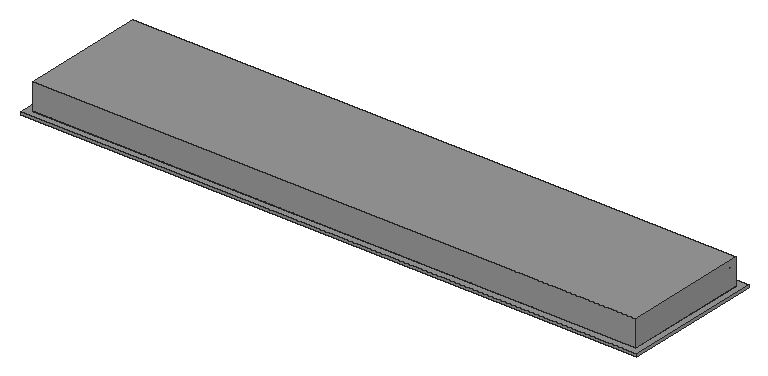
Revit family "63_UN_LEDPanel_RTP-XM 1196x296_Norton", category Lighting Fixtures, Revit 2019
Family settings
  Round Connector Dimension = Use Diameter
  Part Type = Normal
  OmniClass Number = 23.80.70.11.14.11
  OmniClass Title = Downlights
  Work Plane-Based = No
  Always vertical = Yes
  Cut with Voids When Loaded = No
  Light Source = Yes
  Shared = No
  Room Calculation Point = Yes
Parameters (values of type "RTP-XM LED 84 2 4650LM GST NOOD")
  Wattage Comments = "37W"
  Wattage = 31.3043 W
  built-in parameter 1150110 = 1 (stored number, unit not read)
  Voltage = 230 V
  URL = "https://www.ivlibrary.com/"
  Type Comments = "1196x296"
  built-in parameter 1114217 = 1 (stored number, unit not read)
  Tilt Angle = 90.00°
  built-in parameter 1150109 = 1 (stored number, unit not read)
  built-in parameter 1150134 = 3
  Symbol_ToScale [instance] = not(Symbol_RealSize)  # no
  Symbol_RealSize [instance] = yes
  Switch Code [instance] = ""
  built-in parameter 1150113 = 1 (stored number, unit not read)
  Photometric Web File = "RTPXMLED842NLM4650_LDT.ies"
  Model = "RTP-XM"
  Manufacturer = "Norton"
  built-in parameter 1150105 = 370.04 (stored number, unit not read)
  Luminous Flux (lm) = 4650 lm
  Lumens = 4650 lm
  built-in parameter 1150115 = 1 (stored number, unit not read)
  Luminaire Code [instance] = ""
  built-in parameter 1150137 = (empty or 0)
  built-in parameter 1150139 = (empty or 0)
  built-in parameter 1150112 = 1 (stored number, unit not read)
  built-in parameter 1150114 = 1 (stored number, unit not read)
  Lamp = "LED"
  L3 = 13 mm
  L2 = 270 mm
  L1 = 1196 mm
  built-in parameter 1150132 = 2
  built-in parameter 1150102 = (empty or 0)
  built-in parameter 1150107 = 3200 (stored number, unit not read)
  built-in parameter 1150138 = (empty or 0)
  built-in parameter 1150106 = 3.7004 (stored number, unit not read)
  IfcExportType = "USERDEFINED"
  IfcExportAs = "IfcLightFixtureType"
  ISBN Code = "-"
  IP Value = "IP20"
  IK Value = "IK07"
  Housing_Material = Laminate, White
  H1 = 50.524 mm
  GTIN Code = "-"
  Emit from Rectangle Width = L1 - (L3 * 2)  # 1170 mm
  Emit from Rectangle Length = L2 - (L3 * 2)  # 244 mm
  Emit Shape Visible in Rendering = no
  built-in parameter 1150104 = 13.8 (stored number, unit not read)
  ETIM Code = "-"
  Dimming Lamp Color Temperature Shift = <None>
  Description = ""
  Content Creator® = "www.ivlibrary.com"
  Color Filter = 16777215
  Calc_L2_Symbol = L2 / 100  # 2.7 mm
  Calc_L1_Symbol = L1 / 100  # 11.96 mm
  built-in parameter 1114218 = 1 (stored number, unit not read)
  built-in parameter 1150133 = 10 (stored number, unit not read)
  Assembly Code = "63.0"
  Apparent Load = 37 VA
Types (4, lengths in mm): name | Wattage Comments | Wattage | Photometric Web File | built-in parameter 1150105 | Luminous Flux (lm) | Lumens | built-in parameter 1150106 | Apparent Load
  RTP-XM LED 83 2 4450LM GST | "37W" | 29.9579 W | "RTPXMLED832NLM4450_LDT.ies" | 354.12 (stored number, unit not read) | 4450 lm | 4450 lm | 3.5412 (stored number, unit not read) | 37 VA
  RTP-XM LED 83 2 4450LM GST NOOD | "45W" | 30.2945 W | "RTPXMLED832NLM4450_LDT.ies" | 358.1 (stored number, unit not read) | 4500 lm | 4500 lm | 3.581 (stored number, unit not read) | 45 VA
  RTP-XM LED 84 2 4650LM GST | "37W" | 31.3043 W | "RTPXMLED842NLM4650_LDT.ies" | 370.04 (stored number, unit not read) | 4650 lm | 4650 lm | 3.7004 (stored number, unit not read) | 37 VA
  RTP-XM LED 84 2 4650LM GST NOOD | "37W" | 31.3043 W | "RTPXMLED842NLM4650_LDT.ies" | 370.04 (stored number, unit not read) | 4650 lm | 4650 lm | 3.7004 (stored number, unit not read) | 37 VA
Reference planes
  plane 1 "Center (Front/Back)": y = 0
  plane 2: z = 0
  plane 3 "Center (Left/Right)": x = 0
  plane 4: x = -585
  plane 5: x = 585
  plane 6: y = 122
  plane 7: y = -122
  plane 8: x = -598
  plane 9: x = 598
  plane 10: y = -135
  plane 11: y = 135
Forms (mm)
  Extrusion 1, solid, material "Laminate, White" <- "Housing_Material"
    sketch origin (0, 0, 0) x (1, 0, 0) y (0, 1, 0)
      loop
        line (-585, 122) -> (-585, -122) -> (585, -122) -> (585, 122) -> (-585, 122)
    from 0 to 50.524 <- "H1"
  Extrusion 2, solid, material "Laminate, White" <- "Housing_Material"
    sketch origin (0, 0, 0) x (1, 0, 0) y (0, 1, 0)
      loop
        line (-585, 122) -> (-585, -122) -> (585, -122) -> (585, 122) -> (-585, 122)
    from 0 to -1
  Extrusion 3, solid, material "Laminate, White" <- "Housing_Material"
    sketch origin (0, 0, 0) x (1, 0, 0) y (0, 1, 0)
      loop
        line (-585, 122) -> (-585, -122) -> (585, -122) -> (585, 122) -> (-585, 122)
      loop
        line (-598, -135) -> (598, -135) -> (598, 135) -> (-598, 135) -> (-598, -135)
    from 0 to -5
  Extrusion 4, void
    sketch origin (298.809, -158.255, 0) x (0, 1, 0) y (0, 0, 1)
      loop
        line (196.881, -5) -> (279.164, -5) -> (279.164, 12.612) -> (272.11, 15.112)
        arc (272.11, 15.112) -> (268.862, 30.396) -> (259.68, 43.039) r 37.588
        line (259.68, 43.039) -> (216.366, 43.039)
        arc (216.366, 43.039) -> (205.244, 30.999) -> (201.212, 15.112) r 33.311
        line (201.212, 15.112) -> (196.881, 12.612) -> (196.881, -5)
    from 285.1 to -882.676
  Extrusion 5, void
    sketch origin (298.809, 158.255, 0) x (0, -1, 0) y (0, 0, -1)
      loop
        line (196.881, 5) -> (196.881, -12.612) -> (201.212, -15.112)
        arc (201.212, -15.112) -> (205.244, -30.999) -> (216.366, -43.039) r 33.311
        line (216.366, -43.039) -> (259.68, -43.039)
        arc (259.68, -43.039) -> (268.862, -30.396) -> (272.11, -15.112) r 37.588
        line (272.11, -15.112) -> (279.164, -12.612) -> (279.164, 5) -> (196.881, 5)
    from 285.1 to -882.676
  Extrusion 6, solid, material "Laminate, White" <- "Housing_Material"
    sketch origin (543.9, -158.255, 0) x (0, 1, 0) y (0, 0, 1)
      loop
        line (196.881, -1) -> (272.164, -1) -> (272.164, 12.612) -> (267.834, 15.112)
        arc (267.834, 15.112) -> (263.801, 30.999) -> (252.68, 43.039) r 33.311
        line (252.68, 43.039) -> (216.366, 43.039)
        arc (216.366, 43.039) -> (205.244, 30.999) -> (201.212, 15.112) r 33.311
        line (201.212, 15.112) -> (196.881, 12.612) -> (196.881, -1)
    from 1 to -1
  Extrusion 7, solid, material "Laminate, White" <- "Housing_Material"
    sketch origin (-543.6, -158.255, 0) x (0, 1, 0) y (0, 0, 1)
      loop
        line (196.881, -1) -> (272.164, -1) -> (272.164, 12.612) -> (267.834, 15.112)
        arc (267.834, 15.112) -> (263.801, 30.999) -> (252.68, 43.039) r 33.311
        line (252.68, 43.039) -> (216.366, 43.039)
        arc (216.366, 43.039) -> (205.244, 30.999) -> (201.212, 15.112) r 33.311
        line (201.212, 15.112) -> (196.881, 12.612) -> (196.881, -1)
    from 1 to -1
  Extrusion 8, solid, material "Laminate, White" <- "Housing_Material"
    sketch origin (483.483, -158.255, 0) x (0, 1, 0) y (0, 0, 1)
      loop
        line (196.881, -1) -> (272.164, -1) -> (272.164, 12.612) -> (267.834, 15.112)
        arc (267.834, 15.112) -> (263.801, 30.999) -> (252.68, 43.039) r 33.311
        line (252.68, 43.039) -> (216.366, 43.039)
        arc (216.366, 43.039) -> (205.244, 30.999) -> (201.212, 15.112) r 33.311
        line (201.212, 15.112) -> (196.881, 12.612) -> (196.881, -1)
    from 1 to -1
  Extrusion 9, solid, material "Laminate, White" <- "Housing_Material"
    sketch origin (423.067, -158.255, 0) x (0, 1, 0) y (0, 0, 1)
      loop
        line (196.881, -1) -> (272.164, -1) -> (272.164, 12.612) -> (267.834, 15.112)
        arc (267.834, 15.112) -> (263.801, 30.999) -> (252.68, 43.039) r 33.311
        line (252.68, 43.039) -> (216.366, 43.039)
        arc (216.366, 43.039) -> (205.244, 30.999) -> (201.212, 15.112) r 33.311
        line (201.212, 15.112) -> (196.881, 12.612) -> (196.881, -1)
    from 1 to -1
  Extrusion 10, solid, material "Laminate, White" <- "Housing_Material"
    sketch origin (362.65, -158.255, 0) x (0, 1, 0) y (0, 0, 1)
      loop
        line (196.881, -1) -> (272.164, -1) -> (272.164, 12.612) -> (267.834, 15.112)
        arc (267.834, 15.112) -> (263.801, 30.999) -> (252.68, 43.039) r 33.311
        line (252.68, 43.039) -> (216.366, 43.039)
        arc (216.366, 43.039) -> (205.244, 30.999) -> (201.212, 15.112) r 33.311
        line (201.212, 15.112) -> (196.881, 12.612) -> (196.881, -1)
    from 1 to -1
  Extrusion 11, solid, material "Laminate, White" <- "Housing_Material"
    sketch origin (302.233, -158.255, 0) x (0, 1, 0) y (0, 0, 1)
      loop
        line (196.881, -1) -> (272.164, -1) -> (272.164, 12.612) -> (267.834, 15.112)
        arc (267.834, 15.112) -> (263.801, 30.999) -> (252.68, 43.039) r 33.311
        line (252.68, 43.039) -> (216.366, 43.039)
        arc (216.366, 43.039) -> (205.244, 30.999) -> (201.212, 15.112) r 33.311
        line (201.212, 15.112) -> (196.881, 12.612) -> (196.881, -1)
    from 1 to -1
  Extrusion 12, solid, material "Laminate, White" <- "Housing_Material"
    sketch origin (241.817, -158.255, 0) x (0, 1, 0) y (0, 0, 1)
      loop
        line (196.881, -1) -> (272.164, -1) -> (272.164, 12.612) -> (267.834, 15.112)
        arc (267.834, 15.112) -> (263.801, 30.999) -> (252.68, 43.039) r 33.311
        line (252.68, 43.039) -> (216.366, 43.039)
        arc (216.366, 43.039) -> (205.244, 30.999) -> (201.212, 15.112) r 33.311
        line (201.212, 15.112) -> (196.881, 12.612) -> (196.881, -1)
    from 1 to -1
  Extrusion 13, solid, material "Laminate, White" <- "Housing_Material"
    sketch origin (181.4, -158.255, 0) x (0, 1, 0) y (0, 0, 1)
      loop
        line (196.881, -1) -> (272.164, -1) -> (272.164, 12.612) -> (267.834, 15.112)
        arc (267.834, 15.112) -> (263.801, 30.999) -> (252.68, 43.039) r 33.311
        line (252.68, 43.039) -> (216.366, 43.039)
        arc (216.366, 43.039) -> (205.244, 30.999) -> (201.212, 15.112) r 33.311
        line (201.212, 15.112) -> (196.881, 12.612) -> (196.881, -1)
    from 1 to -1
  Extrusion 14, solid, material "Laminate, White" <- "Housing_Material"
    sketch origin (120.983, -158.255, 0) x (0, 1, 0) y (0, 0, 1)
      loop
        line (196.881, -1) -> (272.164, -1) -> (272.164, 12.612) -> (267.834, 15.112)
        arc (267.834, 15.112) -> (263.801, 30.999) -> (252.68, 43.039) r 33.311
        line (252.68, 43.039) -> (216.366, 43.039)
        arc (216.366, 43.039) -> (205.244, 30.999) -> (201.212, 15.112) r 33.311
        line (201.212, 15.112) -> (196.881, 12.612) -> (196.881, -1)
    from 1 to -1
  Extrusion 15, solid, material "Laminate, White" <- "Housing_Material"
    sketch origin (60.567, -158.255, 0) x (0, 1, 0) y (0, 0, 1)
      loop
        line (196.881, -1) -> (272.164, -1) -> (272.164, 12.612) -> (267.834, 15.112)
        arc (267.834, 15.112) -> (263.801, 30.999) -> (252.68, 43.039) r 33.311
        line (252.68, 43.039) -> (216.366, 43.039)
        arc (216.366, 43.039) -> (205.244, 30.999) -> (201.212, 15.112) r 33.311
        line (201.212, 15.112) -> (196.881, 12.612) -> (196.881, -1)
    from 1 to -1
  Extrusion 16, solid, material "Laminate, White" <- "Housing_Material"
    sketch origin (0.15, -158.255, 0) x (0, 1, 0) y (0, 0, 1)
      loop
        line (196.881, -1) -> (272.164, -1) -> (272.164, 12.612) -> (267.834, 15.112)
        arc (267.834, 15.112) -> (263.801, 30.999) -> (252.68, 43.039) r 33.311
        line (252.68, 43.039) -> (216.366, 43.039)
        arc (216.366, 43.039) -> (205.244, 30.999) -> (201.212, 15.112) r 33.311
        line (201.212, 15.112) -> (196.881, 12.612) -> (196.881, -1)
    from 1 to -1
  Extrusion 17, solid, material "Laminate, White" <- "Housing_Material"
    sketch origin (-60.267, -158.255, 0) x (0, 1, 0) y (0, 0, 1)
      loop
        line (196.881, -1) -> (272.164, -1) -> (272.164, 12.612) -> (267.834, 15.112)
        arc (267.834, 15.112) -> (263.801, 30.999) -> (252.68, 43.039) r 33.311
        line (252.68, 43.039) -> (216.366, 43.039)
        arc (216.366, 43.039) -> (205.244, 30.999) -> (201.212, 15.112) r 33.311
        line (201.212, 15.112) -> (196.881, 12.612) -> (196.881, -1)
    from 1 to -1
  Extrusion 18, solid, material "Laminate, White" <- "Housing_Material"
    sketch origin (-120.683, -158.255, 0) x (0, 1, 0) y (0, 0, 1)
      loop
        line (196.881, -1) -> (272.164, -1) -> (272.164, 12.612) -> (267.834, 15.112)
        arc (267.834, 15.112) -> (263.801, 30.999) -> (252.68, 43.039) r 33.311
        line (252.68, 43.039) -> (216.366, 43.039)
        arc (216.366, 43.039) -> (205.244, 30.999) -> (201.212, 15.112) r 33.311
        line (201.212, 15.112) -> (196.881, 12.612) -> (196.881, -1)
    from 1 to -1
  Extrusion 19, solid, material "Laminate, White" <- "Housing_Material"
    sketch origin (-181.1, -158.255, 0) x (0, 1, 0) y (0, 0, 1)
      loop
        line (196.881, -1) -> (272.164, -1) -> (272.164, 12.612) -> (267.834, 15.112)
        arc (267.834, 15.112) -> (263.801, 30.999) -> (252.68, 43.039) r 33.311
        line (252.68, 43.039) -> (216.366, 43.039)
        arc (216.366, 43.039) -> (205.244, 30.999) -> (201.212, 15.112) r 33.311
        line (201.212, 15.112) -> (196.881, 12.612) -> (196.881, -1)
    from 1 to -1
  Extrusion 20, solid, material "Laminate, White" <- "Housing_Material"
    sketch origin (-241.517, -158.255, 0) x (0, 1, 0) y (0, 0, 1)
      loop
        line (196.881, -1) -> (272.164, -1) -> (272.164, 12.612) -> (267.834, 15.112)
        arc (267.834, 15.112) -> (263.801, 30.999) -> (252.68, 43.039) r 33.311
        line (252.68, 43.039) -> (216.366, 43.039)
        arc (216.366, 43.039) -> (205.244, 30.999) -> (201.212, 15.112) r 33.311
        line (201.212, 15.112) -> (196.881, 12.612) -> (196.881, -1)
    from 1 to -1
  Extrusion 21, solid, material "Laminate, White" <- "Housing_Material"
    sketch origin (-301.933, -158.255, 0) x (0, 1, 0) y (0, 0, 1)
      loop
        line (196.881, -1) -> (272.164, -1) -> (272.164, 12.612) -> (267.834, 15.112)
        arc (267.834, 15.112) -> (263.801, 30.999) -> (252.68, 43.039) r 33.311
        line (252.68, 43.039) -> (216.366, 43.039)
        arc (216.366, 43.039) -> (205.244, 30.999) -> (201.212, 15.112) r 33.311
        line (201.212, 15.112) -> (196.881, 12.612) -> (196.881, -1)
    from 1 to -1
  Extrusion 22, solid, material "Laminate, White" <- "Housing_Material"
    sketch origin (-362.35, -158.255, 0) x (0, 1, 0) y (0, 0, 1)
      loop
        line (196.881, -1) -> (272.164, -1) -> (272.164, 12.612) -> (267.834, 15.112)
        arc (267.834, 15.112) -> (263.801, 30.999) -> (252.68, 43.039) r 33.311
        line (252.68, 43.039) -> (216.366, 43.039)
        arc (216.366, 43.039) -> (205.244, 30.999) -> (201.212, 15.112) r 33.311
        line (201.212, 15.112) -> (196.881, 12.612) -> (196.881, -1)
    from 1 to -1
  Extrusion 23, solid, material "Laminate, White" <- "Housing_Material"
    sketch origin (-422.767, -158.255, 0) x (0, 1, 0) y (0, 0, 1)
      loop
        line (196.881, -1) -> (272.164, -1) -> (272.164, 12.612) -> (267.834, 15.112)
        arc (267.834, 15.112) -> (263.801, 30.999) -> (252.68, 43.039) r 33.311
        line (252.68, 43.039) -> (216.366, 43.039)
        arc (216.366, 43.039) -> (205.244, 30.999) -> (201.212, 15.112) r 33.311
        line (201.212, 15.112) -> (196.881, 12.612) -> (196.881, -1)
    from 1 to -1
  Extrusion 24, solid, material "Laminate, White" <- "Housing_Material"
    sketch origin (-483.183, -158.255, 0) x (0, 1, 0) y (0, 0, 1)
      loop
        line (196.881, -1) -> (272.164, -1) -> (272.164, 12.612) -> (267.834, 15.112)
        arc (267.834, 15.112) -> (263.801, 30.999) -> (252.68, 43.039) r 33.311
        line (252.68, 43.039) -> (216.366, 43.039)
        arc (216.366, 43.039) -> (205.244, 30.999) -> (201.212, 15.112) r 33.311
        line (201.212, 15.112) -> (196.881, 12.612) -> (196.881, -1)
    from 1 to -1
  Extrusion 25, solid, material "Glass, White, High Luminance"
    sketch origin (298.809, 307.274, 0) x (0, -1, 0) y (1, 0, 0)
      loop
        line (245.662, 285.1) -> (209.351, 285.1) -> (209.351, -882.676) -> (245.662, -882.676) -> (245.662, 285.1)
    from 43.039 to 41.487
  Extrusion 26, solid, material "Glass, White, High Luminance"
    sketch origin (298.809, -307.274, 0) x (0, 1, 0) y (-1, 0, 0)
      loop
        line (245.662, -285.1) -> (245.662, 882.676) -> (209.351, 882.676) -> (209.351, -285.1) -> (245.662, -285.1)
    from 43.039 to 41.487
  Extrusion 27, solid, material "Laminate, White" <- "Housing_Material"
    sketch origin (543.9, -310.79, 0) x (0, 1, 0) y (0, 0, 1)
      loop
        line (196.881, -1) -> (272.164, -1) -> (272.164, 12.612) -> (267.834, 15.112)
        arc (267.834, 15.112) -> (263.801, 30.999) -> (252.68, 43.039) r 33.311
        line (252.68, 43.039) -> (216.366, 43.039)
        arc (216.366, 43.039) -> (205.244, 30.999) -> (201.212, 15.112) r 33.311
        line (201.212, 15.112) -> (196.881, 12.612) -> (196.881, -1)
    from 1 to -1
  Extrusion 28, solid, material "Laminate, White" <- "Housing_Material"
    sketch origin (-543.6, -310.79, 0) x (0, 1, 0) y (0, 0, 1)
      loop
        line (196.881, -1) -> (272.164, -1) -> (272.164, 12.612) -> (267.834, 15.112)
        arc (267.834, 15.112) -> (263.801, 30.999) -> (252.68, 43.039) r 33.311
        line (252.68, 43.039) -> (216.366, 43.039)
        arc (216.366, 43.039) -> (205.244, 30.999) -> (201.212, 15.112) r 33.311
        line (201.212, 15.112) -> (196.881, 12.612) -> (196.881, -1)
    from 1 to -1
  Extrusion 29, solid, material "Laminate, White" <- "Housing_Material"
    sketch origin (483.483, -310.79, 0) x (0, 1, 0) y (0, 0, 1)
      loop
        line (196.881, -1) -> (272.164, -1) -> (272.164, 12.612) -> (267.834, 15.112)
        arc (267.834, 15.112) -> (263.801, 30.999) -> (252.68, 43.039) r 33.311
        line (252.68, 43.039) -> (216.366, 43.039)
        arc (216.366, 43.039) -> (205.244, 30.999) -> (201.212, 15.112) r 33.311
        line (201.212, 15.112) -> (196.881, 12.612) -> (196.881, -1)
    from 1 to -1
  Extrusion 30, solid, material "Laminate, White" <- "Housing_Material"
    sketch origin (423.067, -310.79, 0) x (0, 1, 0) y (0, 0, 1)
      loop
        line (196.881, -1) -> (272.164, -1) -> (272.164, 12.612) -> (267.834, 15.112)
        arc (267.834, 15.112) -> (263.801, 30.999) -> (252.68, 43.039) r 33.311
        line (252.68, 43.039) -> (216.366, 43.039)
        arc (216.366, 43.039) -> (205.244, 30.999) -> (201.212, 15.112) r 33.311
        line (201.212, 15.112) -> (196.881, 12.612) -> (196.881, -1)
    from 1 to -1
  Extrusion 31, solid, material "Laminate, White" <- "Housing_Material"
    sketch origin (362.65, -310.79, 0) x (0, 1, 0) y (0, 0, 1)
      loop
        line (196.881, -1) -> (272.164, -1) -> (272.164, 12.612) -> (267.834, 15.112)
        arc (267.834, 15.112) -> (263.801, 30.999) -> (252.68, 43.039) r 33.311
        line (252.68, 43.039) -> (216.366, 43.039)
        arc (216.366, 43.039) -> (205.244, 30.999) -> (201.212, 15.112) r 33.311
        line (201.212, 15.112) -> (196.881, 12.612) -> (196.881, -1)
    from 1 to -1
  Extrusion 32, solid, material "Laminate, White" <- "Housing_Material"
    sketch origin (302.233, -310.79, 0) x (0, 1, 0) y (0, 0, 1)
      loop
        line (196.881, -1) -> (272.164, -1) -> (272.164, 12.612) -> (267.834, 15.112)
        arc (267.834, 15.112) -> (263.801, 30.999) -> (252.68, 43.039) r 33.311
        line (252.68, 43.039) -> (216.366, 43.039)
        arc (216.366, 43.039) -> (205.244, 30.999) -> (201.212, 15.112) r 33.311
        line (201.212, 15.112) -> (196.881, 12.612) -> (196.881, -1)
    from 1 to -1
  Extrusion 33, solid, material "Laminate, White" <- "Housing_Material"
    sketch origin (241.817, -310.79, 0) x (0, 1, 0) y (0, 0, 1)
      loop
        line (196.881, -1) -> (272.164, -1) -> (272.164, 12.612) -> (267.834, 15.112)
        arc (267.834, 15.112) -> (263.801, 30.999) -> (252.68, 43.039) r 33.311
        line (252.68, 43.039) -> (216.366, 43.039)
        arc (216.366, 43.039) -> (205.244, 30.999) -> (201.212, 15.112) r 33.311
        line (201.212, 15.112) -> (196.881, 12.612) -> (196.881, -1)
    from 1 to -1
  Extrusion 34, solid, material "Laminate, White" <- "Housing_Material"
    sketch origin (181.4, -310.79, 0) x (0, 1, 0) y (0, 0, 1)
      loop
        line (196.881, -1) -> (272.164, -1) -> (272.164, 12.612) -> (267.834, 15.112)
        arc (267.834, 15.112) -> (263.801, 30.999) -> (252.68, 43.039) r 33.311
        line (252.68, 43.039) -> (216.366, 43.039)
        arc (216.366, 43.039) -> (205.244, 30.999) -> (201.212, 15.112) r 33.311
        line (201.212, 15.112) -> (196.881, 12.612) -> (196.881, -1)
    from 1 to -1
  Extrusion 35, solid, material "Laminate, White" <- "Housing_Material"
    sketch origin (120.983, -310.79, 0) x (0, 1, 0) y (0, 0, 1)
      loop
        line (196.881, -1) -> (272.164, -1) -> (272.164, 12.612) -> (267.834, 15.112)
        arc (267.834, 15.112) -> (263.801, 30.999) -> (252.68, 43.039) r 33.311
        line (252.68, 43.039) -> (216.366, 43.039)
        arc (216.366, 43.039) -> (205.244, 30.999) -> (201.212, 15.112) r 33.311
        line (201.212, 15.112) -> (196.881, 12.612) -> (196.881, -1)
    from 1 to -1
  Extrusion 36, solid, material "Laminate, White" <- "Housing_Material"
    sketch origin (60.567, -310.79, 0) x (0, 1, 0) y (0, 0, 1)
      loop
        line (196.881, -1) -> (272.164, -1) -> (272.164, 12.612) -> (267.834, 15.112)
        arc (267.834, 15.112) -> (263.801, 30.999) -> (252.68, 43.039) r 33.311
        line (252.68, 43.039) -> (216.366, 43.039)
        arc (216.366, 43.039) -> (205.244, 30.999) -> (201.212, 15.112) r 33.311
        line (201.212, 15.112) -> (196.881, 12.612) -> (196.881, -1)
    from 1 to -1
  Extrusion 37, solid, material "Laminate, White" <- "Housing_Material"
    sketch origin (0.15, -310.79, 0) x (0, 1, 0) y (0, 0, 1)
      loop
        line (196.881, -1) -> (272.164, -1) -> (272.164, 12.612) -> (267.834, 15.112)
        arc (267.834, 15.112) -> (263.801, 30.999) -> (252.68, 43.039) r 33.311
        line (252.68, 43.039) -> (216.366, 43.039)
        arc (216.366, 43.039) -> (205.244, 30.999) -> (201.212, 15.112) r 33.311
        line (201.212, 15.112) -> (196.881, 12.612) -> (196.881, -1)
    from 1 to -1
  Extrusion 38, solid, material "Laminate, White" <- "Housing_Material"
    sketch origin (-60.267, -310.79, 0) x (0, 1, 0) y (0, 0, 1)
      loop
        line (196.881, -1) -> (272.164, -1) -> (272.164, 12.612) -> (267.834, 15.112)
        arc (267.834, 15.112) -> (263.801, 30.999) -> (252.68, 43.039) r 33.311
        line (252.68, 43.039) -> (216.366, 43.039)
        arc (216.366, 43.039) -> (205.244, 30.999) -> (201.212, 15.112) r 33.311
        line (201.212, 15.112) -> (196.881, 12.612) -> (196.881, -1)
    from 1 to -1
  Extrusion 39, solid, material "Laminate, White" <- "Housing_Material"
    sketch origin (-120.683, -310.79, 0) x (0, 1, 0) y (0, 0, 1)
      loop
        line (196.881, -1) -> (272.164, -1) -> (272.164, 12.612) -> (267.834, 15.112)
        arc (267.834, 15.112) -> (263.801, 30.999) -> (252.68, 43.039) r 33.311
        line (252.68, 43.039) -> (216.366, 43.039)
        arc (216.366, 43.039) -> (205.244, 30.999) -> (201.212, 15.112) r 33.311
        line (201.212, 15.112) -> (196.881, 12.612) -> (196.881, -1)
    from 1 to -1
  Extrusion 40, solid, material "Laminate, White" <- "Housing_Material"
    sketch origin (-181.1, -310.79, 0) x (0, 1, 0) y (0, 0, 1)
      loop
        line (196.881, -1) -> (272.164, -1) -> (272.164, 12.612) -> (267.834, 15.112)
        arc (267.834, 15.112) -> (263.801, 30.999) -> (252.68, 43.039) r 33.311
        line (252.68, 43.039) -> (216.366, 43.039)
        arc (216.366, 43.039) -> (205.244, 30.999) -> (201.212, 15.112) r 33.311
        line (201.212, 15.112) -> (196.881, 12.612) -> (196.881, -1)
    from 1 to -1
  Extrusion 41, solid, material "Laminate, White" <- "Housing_Material"
    sketch origin (-241.517, -310.79, 0) x (0, 1, 0) y (0, 0, 1)
      loop
        line (196.881, -1) -> (272.164, -1) -> (272.164, 12.612) -> (267.834, 15.112)
        arc (267.834, 15.112) -> (263.801, 30.999) -> (252.68, 43.039) r 33.311
        line (252.68, 43.039) -> (216.366, 43.039)
        arc (216.366, 43.039) -> (205.244, 30.999) -> (201.212, 15.112) r 33.311
        line (201.212, 15.112) -> (196.881, 12.612) -> (196.881, -1)
    from 1 to -1
  Extrusion 42, solid, material "Laminate, White" <- "Housing_Material"
    sketch origin (-301.933, -310.79, 0) x (0, 1, 0) y (0, 0, 1)
      loop
        line (196.881, -1) -> (272.164, -1) -> (272.164, 12.612) -> (267.834, 15.112)
        arc (267.834, 15.112) -> (263.801, 30.999) -> (252.68, 43.039) r 33.311
        line (252.68, 43.039) -> (216.366, 43.039)
        arc (216.366, 43.039) -> (205.244, 30.999) -> (201.212, 15.112) r 33.311
        line (201.212, 15.112) -> (196.881, 12.612) -> (196.881, -1)
    from 1 to -1
  Extrusion 43, solid, material "Laminate, White" <- "Housing_Material"
    sketch origin (-362.35, -310.79, 0) x (0, 1, 0) y (0, 0, 1)
      loop
        line (196.881, -1) -> (272.164, -1) -> (272.164, 12.612) -> (267.834, 15.112)
        arc (267.834, 15.112) -> (263.801, 30.999) -> (252.68, 43.039) r 33.311
        line (252.68, 43.039) -> (216.366, 43.039)
        arc (216.366, 43.039) -> (205.244, 30.999) -> (201.212, 15.112) r 33.311
        line (201.212, 15.112) -> (196.881, 12.612) -> (196.881, -1)
    from 1 to -1
  Extrusion 44, solid, material "Laminate, White" <- "Housing_Material"
    sketch origin (-422.767, -310.79, 0) x (0, 1, 0) y (0, 0, 1)
      loop
        line (196.881, -1) -> (272.164, -1) -> (272.164, 12.612) -> (267.834, 15.112)
        arc (267.834, 15.112) -> (263.801, 30.999) -> (252.68, 43.039) r 33.311
        line (252.68, 43.039) -> (216.366, 43.039)
        arc (216.366, 43.039) -> (205.244, 30.999) -> (201.212, 15.112) r 33.311
        line (201.212, 15.112) -> (196.881, 12.612) -> (196.881, -1)
    from 1 to -1
  Extrusion 45, solid, material "Laminate, White" <- "Housing_Material"
    sketch origin (-483.183, -310.79, 0) x (0, 1, 0) y (0, 0, 1)
      loop
        line (196.881, -1) -> (272.164, -1) -> (272.164, 12.612) -> (267.834, 15.112)
        arc (267.834, 15.112) -> (263.801, 30.999) -> (252.68, 43.039) r 33.311
        line (252.68, 43.039) -> (216.366, 43.039)
        arc (216.366, 43.039) -> (205.244, 30.999) -> (201.212, 15.112) r 33.311
        line (201.212, 15.112) -> (196.881, 12.612) -> (196.881, -1)
    from 1 to -1
Cuts and joins
  Extrusion 4, Extrusion 5 cuts Extrusion 1
  Extrusion 4, Extrusion 5 cuts Extrusion 2
  Extrusion 4 cuts Extrusion 3
Lines and regions (mm)
  symbolic lines, visible <- "Symbol_RealSize"
    curve 1: line (-598, -135, 0) -> (598, -135, 0)
    curve 2: line (-598, 135, 0) -> (-598, -135, 0)
    curve 3: line (598, 135, 0) -> (-598, 135, 0)
    curve 4: line (598, -135, 0) -> (598, 135, 0)
Dimensions and locks
  equal spacing: plane 11, plane 1 "Center (Front/Back)", plane 10
  equal spacing: plane 8, plane 3 "Center (Left/Right)", plane 9
  "L1": plane 8 to plane 9
  "L2": plane 11 to plane 10
  "H1": Extrusion 1 to level
  "L3": plane 8 to plane 4
  "L3": plane 5 to plane 9
  "L3": plane 6 to plane 11
  "L3": plane 7 to plane 10
  aligned and locked: level to plane 2
  aligned and locked: Extrusion 1 sketch curve to plane 6
  aligned and locked: plane 4 to Extrusion 1 sketch curve
  aligned and locked: plane 7 to Extrusion 1 sketch curve
  aligned and locked: plane 5 to Extrusion 1 sketch curve
  aligned and locked: Extrusion 2 sketch curve to Extrusion 1  (x4)
  aligned and locked: plane 11 to Extrusion 3
  aligned and locked: plane 9 to Extrusion 3
  aligned and locked: plane 10 to Extrusion 3
  aligned and locked: plane 8 to Extrusion 3
  aligned and locked: plane 9 to Extrusion 3 sketch curve
  aligned and locked: plane 10 to Extrusion 3 sketch curve
  aligned and locked: plane 8 to Extrusion 3 sketch curve
  aligned and locked: plane 11 to Extrusion 3 sketch curve
  aligned and locked: plane 5 to Extrusion 3 sketch curve
  aligned and locked: Extrusion 3 sketch curve to plane 6
  aligned and locked: plane 4 to Extrusion 3 sketch curve
  aligned and locked: plane 7 to Extrusion 3 sketch curve
Automatic sketch dimensions
  Extrusion 6 sketch curve to Extrusion 6 sketch curve = 0 mm  (x4)
  Extrusion 6 sketch curve to Extrusion 6 sketch curve = 4.33 mm  (x2)
  Extrusion 6 sketch curve to Extrusion 6 sketch curve = 15.154 mm
  Extrusion 6 sketch curve to Extrusion 6 sketch curve = 33.311 mm
  Extrusion 6 sketch curve to Extrusion 6 sketch curve = 18.157 mm
  Extrusion 6 sketch curve to Extrusion 6 sketch curve = 13.612 mm  (x2)
  Extrusion 6 sketch curve to Extrusion 6 sketch curve = 2.5 mm
  Extrusion 7 sketch curve to Extrusion 7 sketch curve = 0 mm  (x4)
  Extrusion 7 sketch curve to Extrusion 7 sketch curve = 4.33 mm  (x2)
  Extrusion 7 sketch curve to Extrusion 7 sketch curve = 15.154 mm
  Extrusion 7 sketch curve to Extrusion 7 sketch curve = 33.311 mm
  Extrusion 7 sketch curve to Extrusion 7 sketch curve = 18.157 mm
  Extrusion 7 sketch curve to Extrusion 7 sketch curve = 13.612 mm  (x2)
  Extrusion 7 sketch curve to Extrusion 7 sketch curve = 2.5 mm
  Extrusion 8 sketch curve to Extrusion 8 sketch curve = 0 mm  (x4)
  Extrusion 8 sketch curve to Extrusion 8 sketch curve = 4.33 mm  (x2)
  Extrusion 8 sketch curve to Extrusion 8 sketch curve = 15.154 mm
  Extrusion 8 sketch curve to Extrusion 8 sketch curve = 33.311 mm
  Extrusion 8 sketch curve to Extrusion 8 sketch curve = 18.157 mm
  Extrusion 8 sketch curve to Extrusion 8 sketch curve = 13.612 mm  (x2)
  Extrusion 8 sketch curve to Extrusion 8 sketch curve = 2.5 mm
  Extrusion 9 sketch curve to Extrusion 9 sketch curve = 0 mm  (x4)
  Extrusion 9 sketch curve to Extrusion 9 sketch curve = 4.33 mm  (x2)
  Extrusion 9 sketch curve to Extrusion 9 sketch curve = 15.154 mm
  Extrusion 9 sketch curve to Extrusion 9 sketch curve = 33.311 mm
  Extrusion 9 sketch curve to Extrusion 9 sketch curve = 18.157 mm
  Extrusion 9 sketch curve to Extrusion 9 sketch curve = 13.612 mm  (x2)
  Extrusion 9 sketch curve to Extrusion 9 sketch curve = 2.5 mm
  Extrusion 10 sketch curve to Extrusion 10 sketch curve = 0 mm  (x4)
  Extrusion 10 sketch curve to Extrusion 10 sketch curve = 4.33 mm  (x2)
  Extrusion 10 sketch curve to Extrusion 10 sketch curve = 15.154 mm
  Extrusion 10 sketch curve to Extrusion 10 sketch curve = 33.311 mm
  Extrusion 10 sketch curve to Extrusion 10 sketch curve = 18.157 mm
  Extrusion 10 sketch curve to Extrusion 10 sketch curve = 13.612 mm  (x2)
  Extrusion 10 sketch curve to Extrusion 10 sketch curve = 2.5 mm
  Extrusion 11 sketch curve to Extrusion 11 sketch curve = 0 mm  (x4)
  Extrusion 11 sketch curve to Extrusion 11 sketch curve = 4.33 mm  (x2)
  Extrusion 11 sketch curve to Extrusion 11 sketch curve = 15.154 mm
  Extrusion 11 sketch curve to Extrusion 11 sketch curve = 33.311 mm
  Extrusion 11 sketch curve to Extrusion 11 sketch curve = 18.157 mm
  Extrusion 11 sketch curve to Extrusion 11 sketch curve = 13.612 mm  (x2)
  Extrusion 11 sketch curve to Extrusion 11 sketch curve = 2.5 mm
  Extrusion 12 sketch curve to Extrusion 12 sketch curve = 0 mm  (x4)
  Extrusion 12 sketch curve to Extrusion 12 sketch curve = 4.33 mm  (x2)
  Extrusion 12 sketch curve to Extrusion 12 sketch curve = 15.154 mm
  Extrusion 12 sketch curve to Extrusion 12 sketch curve = 33.311 mm
  Extrusion 12 sketch curve to Extrusion 12 sketch curve = 18.157 mm
  Extrusion 12 sketch curve to Extrusion 12 sketch curve = 13.612 mm  (x2)
  Extrusion 12 sketch curve to Extrusion 12 sketch curve = 2.5 mm
  Extrusion 13 sketch curve to Extrusion 13 sketch curve = 0 mm  (x4)
  Extrusion 13 sketch curve to Extrusion 13 sketch curve = 4.33 mm  (x2)
  Extrusion 13 sketch curve to Extrusion 13 sketch curve = 15.154 mm
  Extrusion 13 sketch curve to Extrusion 13 sketch curve = 33.311 mm
  Extrusion 13 sketch curve to Extrusion 13 sketch curve = 18.157 mm
  Extrusion 13 sketch curve to Extrusion 13 sketch curve = 13.612 mm  (x2)
  Extrusion 13 sketch curve to Extrusion 13 sketch curve = 2.5 mm
  Extrusion 14 sketch curve to Extrusion 14 sketch curve = 0 mm  (x4)
  Extrusion 14 sketch curve to Extrusion 14 sketch curve = 4.33 mm  (x2)
  Extrusion 14 sketch curve to Extrusion 14 sketch curve = 15.154 mm
  Extrusion 14 sketch curve to Extrusion 14 sketch curve = 33.311 mm
  Extrusion 14 sketch curve to Extrusion 14 sketch curve = 18.157 mm
  Extrusion 14 sketch curve to Extrusion 14 sketch curve = 13.612 mm  (x2)
  Extrusion 14 sketch curve to Extrusion 14 sketch curve = 2.5 mm
  Extrusion 15 sketch curve to Extrusion 15 sketch curve = 0 mm  (x4)
  Extrusion 15 sketch curve to Extrusion 15 sketch curve = 4.33 mm  (x2)
  Extrusion 15 sketch curve to Extrusion 15 sketch curve = 15.154 mm
  Extrusion 15 sketch curve to Extrusion 15 sketch curve = 33.311 mm
  Extrusion 15 sketch curve to Extrusion 15 sketch curve = 18.157 mm
  Extrusion 15 sketch curve to Extrusion 15 sketch curve = 13.612 mm  (x2)
  Extrusion 15 sketch curve to Extrusion 15 sketch curve = 2.5 mm
  Extrusion 16 sketch curve to Extrusion 16 sketch curve = 0 mm  (x4)
  Extrusion 16 sketch curve to Extrusion 16 sketch curve = 4.33 mm  (x2)
  Extrusion 16 sketch curve to Extrusion 16 sketch curve = 15.154 mm
  Extrusion 16 sketch curve to Extrusion 16 sketch curve = 33.311 mm
  Extrusion 16 sketch curve to Extrusion 16 sketch curve = 18.157 mm
  Extrusion 16 sketch curve to Extrusion 16 sketch curve = 13.612 mm  (x2)
  Extrusion 16 sketch curve to Extrusion 16 sketch curve = 2.5 mm
  Extrusion 17 sketch curve to Extrusion 17 sketch curve = 0 mm  (x4)
  Extrusion 17 sketch curve to Extrusion 17 sketch curve = 4.33 mm  (x2)
  Extrusion 17 sketch curve to Extrusion 17 sketch curve = 15.154 mm
  Extrusion 17 sketch curve to Extrusion 17 sketch curve = 33.311 mm
  Extrusion 17 sketch curve to Extrusion 17 sketch curve = 18.157 mm
  Extrusion 17 sketch curve to Extrusion 17 sketch curve = 13.612 mm  (x2)
  Extrusion 17 sketch curve to Extrusion 17 sketch curve = 2.5 mm
  Extrusion 18 sketch curve to Extrusion 18 sketch curve = 0 mm  (x4)
  Extrusion 18 sketch curve to Extrusion 18 sketch curve = 4.33 mm  (x2)
  Extrusion 18 sketch curve to Extrusion 18 sketch curve = 15.154 mm
  Extrusion 18 sketch curve to Extrusion 18 sketch curve = 33.311 mm
  Extrusion 18 sketch curve to Extrusion 18 sketch curve = 18.157 mm
  Extrusion 18 sketch curve to Extrusion 18 sketch curve = 13.612 mm  (x2)
  Extrusion 18 sketch curve to Extrusion 18 sketch curve = 2.5 mm
  Extrusion 19 sketch curve to Extrusion 19 sketch curve = 0 mm  (x4)
  Extrusion 19 sketch curve to Extrusion 19 sketch curve = 4.33 mm  (x2)
  Extrusion 19 sketch curve to Extrusion 19 sketch curve = 15.154 mm
  Extrusion 19 sketch curve to Extrusion 19 sketch curve = 33.311 mm
  Extrusion 19 sketch curve to Extrusion 19 sketch curve = 18.157 mm
  Extrusion 19 sketch curve to Extrusion 19 sketch curve = 13.612 mm  (x2)
  Extrusion 19 sketch curve to Extrusion 19 sketch curve = 2.5 mm
  Extrusion 20 sketch curve to Extrusion 20 sketch curve = 0 mm  (x4)
  Extrusion 20 sketch curve to Extrusion 20 sketch curve = 4.33 mm  (x2)
  Extrusion 20 sketch curve to Extrusion 20 sketch curve = 15.154 mm
  Extrusion 20 sketch curve to Extrusion 20 sketch curve = 33.311 mm
  Extrusion 20 sketch curve to Extrusion 20 sketch curve = 18.157 mm
  Extrusion 20 sketch curve to Extrusion 20 sketch curve = 13.612 mm  (x2)
  Extrusion 20 sketch curve to Extrusion 20 sketch curve = 2.5 mm
  Extrusion 21 sketch curve to Extrusion 21 sketch curve = 0 mm  (x4)
  Extrusion 21 sketch curve to Extrusion 21 sketch curve = 4.33 mm  (x2)
  Extrusion 21 sketch curve to Extrusion 21 sketch curve = 15.154 mm
  Extrusion 21 sketch curve to Extrusion 21 sketch curve = 33.311 mm
  Extrusion 21 sketch curve to Extrusion 21 sketch curve = 18.157 mm
  Extrusion 21 sketch curve to Extrusion 21 sketch curve = 13.612 mm  (x2)
  Extrusion 21 sketch curve to Extrusion 21 sketch curve = 2.5 mm
  Extrusion 22 sketch curve to Extrusion 22 sketch curve = 0 mm  (x4)
  Extrusion 22 sketch curve to Extrusion 22 sketch curve = 4.33 mm  (x2)
  Extrusion 22 sketch curve to Extrusion 22 sketch curve = 15.154 mm
  Extrusion 22 sketch curve to Extrusion 22 sketch curve = 33.311 mm
  Extrusion 22 sketch curve to Extrusion 22 sketch curve = 18.157 mm
  Extrusion 22 sketch curve to Extrusion 22 sketch curve = 13.612 mm  (x2)
  Extrusion 22 sketch curve to Extrusion 22 sketch curve = 2.5 mm
  Extrusion 23 sketch curve to Extrusion 23 sketch curve = 0 mm  (x4)
  Extrusion 23 sketch curve to Extrusion 23 sketch curve = 4.33 mm  (x2)
  Extrusion 23 sketch curve to Extrusion 23 sketch curve = 15.154 mm
  Extrusion 23 sketch curve to Extrusion 23 sketch curve = 33.311 mm
  Extrusion 23 sketch curve to Extrusion 23 sketch curve = 18.157 mm
  Extrusion 23 sketch curve to Extrusion 23 sketch curve = 13.612 mm  (x2)
  Extrusion 23 sketch curve to Extrusion 23 sketch curve = 2.5 mm
  Extrusion 24 sketch curve to Extrusion 24 sketch curve = 0 mm  (x4)
  Extrusion 24 sketch curve to Extrusion 24 sketch curve = 4.33 mm  (x2)
  Extrusion 24 sketch curve to Extrusion 24 sketch curve = 15.154 mm
  Extrusion 24 sketch curve to Extrusion 24 sketch curve = 33.311 mm
  Extrusion 24 sketch curve to Extrusion 24 sketch curve = 18.157 mm
  Extrusion 24 sketch curve to Extrusion 24 sketch curve = 13.612 mm  (x2)
  Extrusion 24 sketch curve to Extrusion 24 sketch curve = 2.5 mm
  Extrusion 4 sketch curve to Extrusion 4 sketch curve = 0 mm  (x2)
  Extrusion 4 sketch curve to level = 5 mm
  Extrusion 4 sketch curve to plane 1 "Center (Front/Back)" = 38.626 mm
  Extrusion 4 sketch curve to Extrusion 4 sketch curve = 4.33 mm
  Extrusion 4 sketch curve to Extrusion 4 sketch curve = 15.154 mm
  level to Extrusion 4 sketch curve = 15.112 mm
  Extrusion 4 sketch curve to Extrusion 4 sketch curve = 18.157 mm
  Extrusion 4 sketch curve to plane 6 = 20.575 mm
  Extrusion 4 sketch curve to plane 6 = 1.091 mm
  Extrusion 4 sketch curve to Extrusion 4 sketch curve = 2.5 mm  (x2)
  Extrusion 5 sketch curve to Extrusion 5 sketch curve = 0 mm  (x2)
  Extrusion 5 sketch curve to level = 5 mm
  plane 1 "Center (Front/Back)" to Extrusion 5 sketch curve = 38.626 mm
  Extrusion 5 sketch curve to Extrusion 5 sketch curve = 4.33 mm
  Extrusion 5 sketch curve to Extrusion 5 sketch curve = 15.154 mm
  Extrusion 5 sketch curve to Extrusion 5 sketch curve = 18.157 mm
  plane 7 to Extrusion 5 sketch curve = 20.575 mm
  plane 7 to Extrusion 5 sketch curve = 1.091 mm
  level to Extrusion 5 sketch curve = 12.612 mm  (x2)
  Extrusion 5 sketch curve to Extrusion 5 sketch curve = 2.5 mm
  plane 4 to Extrusion 25 sketch curve = 1.133 mm
  plane 5 to Extrusion 25 sketch curve = 1.091 mm
  Extrusion 25 sketch curve to plane 6 = 24.077 mm
  Extrusion 25 sketch curve to Extrusion 25 sketch curve = 36.311 mm
  plane 4 to Extrusion 26 sketch curve = 1.133 mm
  plane 5 to Extrusion 26 sketch curve = 1.091 mm
  plane 7 to Extrusion 26 sketch curve = 24.077 mm
  Extrusion 26 sketch curve to Extrusion 26 sketch curve = 36.311 mm
  Extrusion 27 sketch curve to Extrusion 27 sketch curve = 0 mm  (x4)
  Extrusion 27 sketch curve to Extrusion 27 sketch curve = 4.33 mm  (x2)
  Extrusion 27 sketch curve to Extrusion 27 sketch curve = 15.154 mm
  Extrusion 27 sketch curve to Extrusion 27 sketch curve = 33.311 mm
  Extrusion 27 sketch curve to Extrusion 27 sketch curve = 18.157 mm
  Extrusion 27 sketch curve to Extrusion 27 sketch curve = 13.612 mm  (x2)
  Extrusion 27 sketch curve to Extrusion 27 sketch curve = 2.5 mm
  Extrusion 28 sketch curve to Extrusion 28 sketch curve = 0 mm  (x4)
  Extrusion 28 sketch curve to Extrusion 28 sketch curve = 4.33 mm  (x2)
  Extrusion 28 sketch curve to Extrusion 28 sketch curve = 15.154 mm
  Extrusion 28 sketch curve to Extrusion 28 sketch curve = 33.311 mm
  Extrusion 28 sketch curve to Extrusion 28 sketch curve = 18.157 mm
  Extrusion 28 sketch curve to Extrusion 28 sketch curve = 13.612 mm  (x2)
  Extrusion 28 sketch curve to Extrusion 28 sketch curve = 2.5 mm
  Extrusion 29 sketch curve to Extrusion 29 sketch curve = 0 mm  (x4)
  Extrusion 29 sketch curve to Extrusion 29 sketch curve = 4.33 mm  (x2)
  Extrusion 29 sketch curve to Extrusion 29 sketch curve = 15.154 mm
  Extrusion 29 sketch curve to Extrusion 29 sketch curve = 33.311 mm
  Extrusion 29 sketch curve to Extrusion 29 sketch curve = 18.157 mm
  Extrusion 29 sketch curve to Extrusion 29 sketch curve = 13.612 mm  (x2)
  Extrusion 29 sketch curve to Extrusion 29 sketch curve = 2.5 mm
  Extrusion 30 sketch curve to Extrusion 30 sketch curve = 0 mm  (x4)
  Extrusion 30 sketch curve to Extrusion 30 sketch curve = 4.33 mm  (x2)
  Extrusion 30 sketch curve to Extrusion 30 sketch curve = 15.154 mm
  Extrusion 30 sketch curve to Extrusion 30 sketch curve = 33.311 mm
  Extrusion 30 sketch curve to Extrusion 30 sketch curve = 18.157 mm
  Extrusion 30 sketch curve to Extrusion 30 sketch curve = 13.612 mm  (x2)
  Extrusion 30 sketch curve to Extrusion 30 sketch curve = 2.5 mm
  Extrusion 31 sketch curve to Extrusion 31 sketch curve = 0 mm  (x4)
  Extrusion 31 sketch curve to Extrusion 31 sketch curve = 4.33 mm  (x2)
  Extrusion 31 sketch curve to Extrusion 31 sketch curve = 15.154 mm
  Extrusion 31 sketch curve to Extrusion 31 sketch curve = 33.311 mm
  Extrusion 31 sketch curve to Extrusion 31 sketch curve = 18.157 mm
  Extrusion 31 sketch curve to Extrusion 31 sketch curve = 13.612 mm  (x2)
  Extrusion 31 sketch curve to Extrusion 31 sketch curve = 2.5 mm
  Extrusion 32 sketch curve to Extrusion 32 sketch curve = 0 mm  (x4)
  Extrusion 32 sketch curve to Extrusion 32 sketch curve = 4.33 mm  (x2)
  Extrusion 32 sketch curve to Extrusion 32 sketch curve = 15.154 mm
  Extrusion 32 sketch curve to Extrusion 32 sketch curve = 33.311 mm
  Extrusion 32 sketch curve to Extrusion 32 sketch curve = 18.157 mm
  Extrusion 32 sketch curve to Extrusion 32 sketch curve = 13.612 mm  (x2)
  Extrusion 32 sketch curve to Extrusion 32 sketch curve = 2.5 mm
  Extrusion 33 sketch curve to Extrusion 33 sketch curve = 0 mm  (x4)
  Extrusion 33 sketch curve to Extrusion 33 sketch curve = 4.33 mm  (x2)
  Extrusion 33 sketch curve to Extrusion 33 sketch curve = 15.154 mm
  Extrusion 33 sketch curve to Extrusion 33 sketch curve = 33.311 mm
  Extrusion 33 sketch curve to Extrusion 33 sketch curve = 18.157 mm
  Extrusion 33 sketch curve to Extrusion 33 sketch curve = 13.612 mm  (x2)
  Extrusion 33 sketch curve to Extrusion 33 sketch curve = 2.5 mm
  Extrusion 34 sketch curve to Extrusion 34 sketch curve = 0 mm  (x4)
  Extrusion 34 sketch curve to Extrusion 34 sketch curve = 4.33 mm  (x2)
  Extrusion 34 sketch curve to Extrusion 34 sketch curve = 15.154 mm
  Extrusion 34 sketch curve to Extrusion 34 sketch curve = 33.311 mm
  Extrusion 34 sketch curve to Extrusion 34 sketch curve = 18.157 mm
  Extrusion 34 sketch curve to Extrusion 34 sketch curve = 13.612 mm  (x2)
  Extrusion 34 sketch curve to Extrusion 34 sketch curve = 2.5 mm
  Extrusion 35 sketch curve to Extrusion 35 sketch curve = 0 mm  (x4)
  Extrusion 35 sketch curve to Extrusion 35 sketch curve = 4.33 mm  (x2)
  Extrusion 35 sketch curve to Extrusion 35 sketch curve = 15.154 mm
  Extrusion 35 sketch curve to Extrusion 35 sketch curve = 33.311 mm
  Extrusion 35 sketch curve to Extrusion 35 sketch curve = 18.157 mm
  Extrusion 35 sketch curve to Extrusion 35 sketch curve = 13.612 mm  (x2)
  Extrusion 35 sketch curve to Extrusion 35 sketch curve = 2.5 mm
  Extrusion 36 sketch curve to Extrusion 36 sketch curve = 0 mm  (x4)
  Extrusion 36 sketch curve to Extrusion 36 sketch curve = 4.33 mm  (x2)
  Extrusion 36 sketch curve to Extrusion 36 sketch curve = 15.154 mm
  Extrusion 36 sketch curve to Extrusion 36 sketch curve = 33.311 mm
  Extrusion 36 sketch curve to Extrusion 36 sketch curve = 18.157 mm
  Extrusion 36 sketch curve to Extrusion 36 sketch curve = 13.612 mm  (x2)
  Extrusion 36 sketch curve to Extrusion 36 sketch curve = 2.5 mm
  Extrusion 37 sketch curve to Extrusion 37 sketch curve = 0 mm  (x4)
  Extrusion 37 sketch curve to Extrusion 37 sketch curve = 4.33 mm  (x2)
  Extrusion 37 sketch curve to Extrusion 37 sketch curve = 15.154 mm
  Extrusion 37 sketch curve to Extrusion 37 sketch curve = 33.311 mm
  Extrusion 37 sketch curve to Extrusion 37 sketch curve = 18.157 mm
  Extrusion 37 sketch curve to Extrusion 37 sketch curve = 13.612 mm  (x2)
  Extrusion 37 sketch curve to Extrusion 37 sketch curve = 2.5 mm
  Extrusion 38 sketch curve to Extrusion 38 sketch curve = 0 mm  (x4)
  Extrusion 38 sketch curve to Extrusion 38 sketch curve = 4.33 mm  (x2)
  Extrusion 38 sketch curve to Extrusion 38 sketch curve = 15.154 mm
  Extrusion 38 sketch curve to Extrusion 38 sketch curve = 33.311 mm
  Extrusion 38 sketch curve to Extrusion 38 sketch curve = 18.157 mm
  Extrusion 38 sketch curve to Extrusion 38 sketch curve = 13.612 mm  (x2)
  Extrusion 38 sketch curve to Extrusion 38 sketch curve = 2.5 mm
  Extrusion 39 sketch curve to Extrusion 39 sketch curve = 0 mm  (x4)
  Extrusion 39 sketch curve to Extrusion 39 sketch curve = 4.33 mm  (x2)
  Extrusion 39 sketch curve to Extrusion 39 sketch curve = 15.154 mm
  Extrusion 39 sketch curve to Extrusion 39 sketch curve = 33.311 mm
  Extrusion 39 sketch curve to Extrusion 39 sketch curve = 18.157 mm
  Extrusion 39 sketch curve to Extrusion 39 sketch curve = 13.612 mm  (x2)
  Extrusion 39 sketch curve to Extrusion 39 sketch curve = 2.5 mm
  Extrusion 40 sketch curve to Extrusion 40 sketch curve = 0 mm  (x4)
  Extrusion 40 sketch curve to Extrusion 40 sketch curve = 4.33 mm  (x2)
  Extrusion 40 sketch curve to Extrusion 40 sketch curve = 15.154 mm
  Extrusion 40 sketch curve to Extrusion 40 sketch curve = 33.311 mm
  Extrusion 40 sketch curve to Extrusion 40 sketch curve = 18.157 mm
  Extrusion 40 sketch curve to Extrusion 40 sketch curve = 13.612 mm  (x2)
  Extrusion 40 sketch curve to Extrusion 40 sketch curve = 2.5 mm
  Extrusion 41 sketch curve to Extrusion 41 sketch curve = 0 mm  (x4)
  Extrusion 41 sketch curve to Extrusion 41 sketch curve = 4.33 mm  (x2)
  Extrusion 41 sketch curve to Extrusion 41 sketch curve = 15.154 mm
  Extrusion 41 sketch curve to Extrusion 41 sketch curve = 33.311 mm
  Extrusion 41 sketch curve to Extrusion 41 sketch curve = 18.157 mm
  Extrusion 41 sketch curve to Extrusion 41 sketch curve = 13.612 mm  (x2)
  Extrusion 41 sketch curve to Extrusion 41 sketch curve = 2.5 mm
  Extrusion 42 sketch curve to Extrusion 42 sketch curve = 0 mm  (x4)
  Extrusion 42 sketch curve to Extrusion 42 sketch curve = 4.33 mm  (x2)
  Extrusion 42 sketch curve to Extrusion 42 sketch curve = 15.154 mm
  Extrusion 42 sketch curve to Extrusion 42 sketch curve = 33.311 mm
  Extrusion 42 sketch curve to Extrusion 42 sketch curve = 18.157 mm
  Extrusion 42 sketch curve to Extrusion 42 sketch curve = 13.612 mm  (x2)
  Extrusion 42 sketch curve to Extrusion 42 sketch curve = 2.5 mm
  Extrusion 43 sketch curve to Extrusion 43 sketch curve = 0 mm  (x4)
  Extrusion 43 sketch curve to Extrusion 43 sketch curve = 4.33 mm  (x2)
  Extrusion 43 sketch curve to Extrusion 43 sketch curve = 15.154 mm
  Extrusion 43 sketch curve to Extrusion 43 sketch curve = 33.311 mm
  Extrusion 43 sketch curve to Extrusion 43 sketch curve = 18.157 mm
  Extrusion 43 sketch curve to Extrusion 43 sketch curve = 13.612 mm  (x2)
  Extrusion 43 sketch curve to Extrusion 43 sketch curve = 2.5 mm
  Extrusion 44 sketch curve to Extrusion 44 sketch curve = 0 mm  (x4)
  Extrusion 44 sketch curve to Extrusion 44 sketch curve = 4.33 mm  (x2)
  Extrusion 44 sketch curve to Extrusion 44 sketch curve = 15.154 mm
  Extrusion 44 sketch curve to Extrusion 44 sketch curve = 33.311 mm
  Extrusion 44 sketch curve to Extrusion 44 sketch curve = 18.157 mm
  Extrusion 44 sketch curve to Extrusion 44 sketch curve = 13.612 mm  (x2)
  Extrusion 44 sketch curve to Extrusion 44 sketch curve = 2.5 mm
  Extrusion 45 sketch curve to Extrusion 45 sketch curve = 0 mm  (x4)
  Extrusion 45 sketch curve to Extrusion 45 sketch curve = 4.33 mm  (x2)
  Extrusion 45 sketch curve to Extrusion 45 sketch curve = 15.154 mm
  Extrusion 45 sketch curve to Extrusion 45 sketch curve = 33.311 mm
  Extrusion 45 sketch curve to Extrusion 45 sketch curve = 18.157 mm
  Extrusion 45 sketch curve to Extrusion 45 sketch curve = 13.612 mm  (x2)
  Extrusion 45 sketch curve to Extrusion 45 sketch curve = 2.5 mm
  curve 1 to plane 8 = 0 mm
  curve 4 to plane 9 = 0 mm
  curve 1 to plane 10 = 0 mm
  plane 11 to curve 4 = 0 mm
  Extrusion 6 sketch curve to level = 1 mm
  Extrusion 6 sketch curve to plane 1 "Center (Front/Back)" = 38.626 mm
  Extrusion 7 sketch curve to level = 1 mm
  Extrusion 7 sketch curve to plane 1 "Center (Front/Back)" = 38.626 mm
  Extrusion 8 sketch curve to level = 1 mm
  Extrusion 8 sketch curve to plane 1 "Center (Front/Back)" = 38.626 mm
  Extrusion 9 sketch curve to level = 1 mm
  Extrusion 9 sketch curve to plane 1 "Center (Front/Back)" = 38.626 mm
  Extrusion 10 sketch curve to level = 1 mm
  Extrusion 10 sketch curve to plane 1 "Center (Front/Back)" = 38.626 mm
  Extrusion 11 sketch curve to level = 1 mm
  Extrusion 11 sketch curve to plane 1 "Center (Front/Back)" = 38.626 mm
  Extrusion 12 sketch curve to level = 1 mm
  Extrusion 12 sketch curve to plane 1 "Center (Front/Back)" = 38.626 mm
  Extrusion 13 sketch curve to level = 1 mm
  Extrusion 13 sketch curve to plane 1 "Center (Front/Back)" = 38.626 mm
  Extrusion 14 sketch curve to level = 1 mm
  Extrusion 14 sketch curve to plane 1 "Center (Front/Back)" = 38.626 mm
  Extrusion 15 sketch curve to level = 1 mm
  Extrusion 15 sketch curve to plane 1 "Center (Front/Back)" = 38.626 mm
  Extrusion 16 sketch curve to level = 1 mm
  Extrusion 16 sketch curve to plane 1 "Center (Front/Back)" = 38.626 mm
  Extrusion 17 sketch curve to level = 1 mm
  Extrusion 17 sketch curve to plane 1 "Center (Front/Back)" = 38.626 mm
  Extrusion 18 sketch curve to level = 1 mm
  Extrusion 18 sketch curve to plane 1 "Center (Front/Back)" = 38.626 mm
  Extrusion 19 sketch curve to level = 1 mm
  Extrusion 19 sketch curve to plane 1 "Center (Front/Back)" = 38.626 mm
  Extrusion 20 sketch curve to level = 1 mm
  Extrusion 20 sketch curve to plane 1 "Center (Front/Back)" = 38.626 mm
  Extrusion 21 sketch curve to level = 1 mm
  Extrusion 21 sketch curve to plane 1 "Center (Front/Back)" = 38.626 mm
  Extrusion 22 sketch curve to level = 1 mm
  Extrusion 22 sketch curve to plane 1 "Center (Front/Back)" = 38.626 mm
  Extrusion 23 sketch curve to level = 1 mm
  Extrusion 23 sketch curve to plane 1 "Center (Front/Back)" = 38.626 mm
  Extrusion 24 sketch curve to level = 1 mm
  Extrusion 24 sketch curve to plane 1 "Center (Front/Back)" = 38.626 mm
  Extrusion 27 sketch curve to level = 1 mm
  plane 7 to Extrusion 27 sketch curve = 8.091 mm
  Extrusion 28 sketch curve to level = 1 mm
  plane 7 to Extrusion 28 sketch curve = 8.091 mm
  Extrusion 29 sketch curve to level = 1 mm
  plane 7 to Extrusion 29 sketch curve = 8.091 mm
  Extrusion 30 sketch curve to level = 1 mm
  plane 7 to Extrusion 30 sketch curve = 8.091 mm
  Extrusion 31 sketch curve to level = 1 mm
  plane 7 to Extrusion 31 sketch curve = 8.091 mm
  Extrusion 32 sketch curve to level = 1 mm
  plane 7 to Extrusion 32 sketch curve = 8.091 mm
  Extrusion 33 sketch curve to level = 1 mm
  plane 7 to Extrusion 33 sketch curve = 8.091 mm
  Extrusion 34 sketch curve to level = 1 mm
  plane 7 to Extrusion 34 sketch curve = 8.091 mm
  Extrusion 35 sketch curve to level = 1 mm
  plane 7 to Extrusion 35 sketch curve = 8.091 mm
  Extrusion 36 sketch curve to level = 1 mm
  plane 7 to Extrusion 36 sketch curve = 8.091 mm
  Extrusion 37 sketch curve to level = 1 mm
  plane 7 to Extrusion 37 sketch curve = 8.091 mm
  Extrusion 38 sketch curve to level = 1 mm
  plane 7 to Extrusion 38 sketch curve = 8.091 mm
  Extrusion 39 sketch curve to level = 1 mm
  plane 7 to Extrusion 39 sketch curve = 8.091 mm
  Extrusion 40 sketch curve to level = 1 mm
  plane 7 to Extrusion 40 sketch curve = 8.091 mm
  Extrusion 41 sketch curve to level = 1 mm
  plane 7 to Extrusion 41 sketch curve = 8.091 mm
  Extrusion 42 sketch curve to level = 1 mm
  plane 7 to Extrusion 42 sketch curve = 8.091 mm
  Extrusion 43 sketch curve to level = 1 mm
  plane 7 to Extrusion 43 sketch curve = 8.091 mm
  Extrusion 44 sketch curve to level = 1 mm
  plane 7 to Extrusion 44 sketch curve = 8.091 mm
  Extrusion 45 sketch curve to level = 1 mm
  plane 7 to Extrusion 45 sketch curve = 8.091 mm
Nested families
  nested 1: "Parametric LED Panel Symbol" at (0, 0, 0), L1 <- "Calc_L1_Symbol", L2 <- "Calc_L2_Symbol", visible <- "Symbol_ToScale", type "Parametric LED Panel Symbol"
    with L2 2.7 mm, L1 11.96 mm
Connectors
  electrical at (0, 0, 0), driven by "Voltage", driven by "Apparent Load"
    settings: index 1, voltage 230 V, apparent load 0 VA, apparent load phase1 37 VA, apparent load phase2 0 VA, apparent load phase3 0 VA, power factor 1, load classification "Lighting", number of poles 1, system type 31, power factor state 1, is connector primary yes, connector utility no, sub classification motor no, connector description ""
Definition of nested family "Parametric LED Panel Symbol"
  Parameters (values of type "Parametric LED Panel Symbol")
    L2 [instance] = 4.484 mm
    L1 [instance] = 6.437 mm
  Reference planes
    plane 1: y = 0
    plane 2: x = 0
  Lines and regions (mm)
    detail lines
      curve 1: line (-3.219, 2.242, 0) -> (3.219, 2.242, 0)
      curve 2: line (-3.219, -2.242, 0) -> (-3.219, 2.242, 0)
      curve 3: line (3.219, -2.242, 0) -> (-3.219, -2.242, 0)
      curve 4: line (3.219, 2.242, 0) -> (3.219, -2.242, 0)
  Dimensions and locks
    equal spacing: curve 2, plane 2, curve 4
    equal spacing: curve 3, plane 1, curve 1
    "L1": curve 2 to curve 4
    "L2": curve 3 to curve 1
